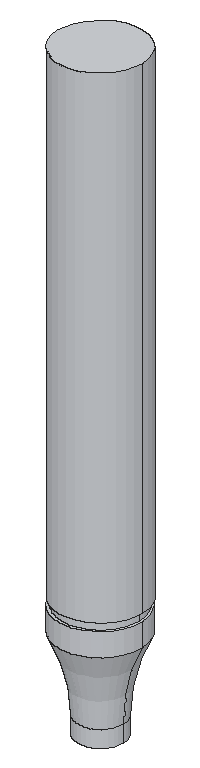
Revit family
Parameters
  URL = "www.siouxchief.com"
  Total Length [instance] = 10.00"
  Radius [instance] = 0.69"
  Model = "653-BS"
  Manufacturer = "Sioux Chief Manufacturing"
  Description = "Hydra-Rester Male Sweat"
Reference planes (in)
  plane 1 "Center (Front/Back)": y = 0
  plane 2: z = 0
  plane 3 "Center (Left/Right)": x = 0
  plane 4: z = 10
  plane 5: z = 2
  plane 6: z = 1.875
Forms (in)
  Extrusion 1, solid
    sketch origin (0.005, 0, -7.11) x (1, 0, 0) y (0, 1, 0)
      loop
        circle (-0.0025, 0) r 0.6875
    from 9.11 to 17.11
  Extrusion 2, solid
    sketch origin (0, 0, 0) x (1, 0, 0) y (0, 1, 0)
      loop
        circle (0, 0) r 0.64225
    from 1.875 to 2
  Extrusion 3, solid
    sketch origin (0, 0, -18.235) x (1, 0, 0) y (0, 1, 0)
      loop
        circle (0, 0) r 0.6875
    from 18.235 to 20.11
  Revolve 4, void
    sketch origin (0, 0, 0) x (1, 0, 0) y (0, 0, 1)
      loop
        arc (-0.5625, 0) -> (-0.72296, 0.43469) -> (-1.0625, 0.75) r 0.99757
        line (-1.0625, 0.75) -> (-1.0625, 0) -> (-0.5625, 0)
      axis (0, 0.75) -> (0, 0)
    angle from 0 to 360
  Revolve 5, void
    sketch origin (0, 0, 0) x (1, 0, 0) y (0, 0, 1)
      loop
        line (-0.6875, 1.4958) -> (-0.6875, 0) -> (-0.375, 0) -> (-0.375, 0.2759)
        arc (-0.375, 0.2759) -> (-0.45437, 0.90554) -> (-0.6875, 1.4958) r 2.53728
      axis (0, 1.4958) -> (0, 0)
    angle from 0 to 360
Cuts and joins
  Revolve 4, Revolve 5 cuts Extrusion 3
Dimensions and locks (in)
  "Total Length": plane 4 to level
  locked: plane 5 to level at 2
  "Radius": Extrusion 1 to plane 3 "Center (Left/Right)"
  locked: plane 5 to plane 6 at 0.125
  aligned and locked: plane 4 to Extrusion 1
  aligned and locked: Extrusion 1 to plane 5
  aligned and locked: Extrusion 2 to Extrusion 1
  aligned and locked: plane 6 to Extrusion 2
  aligned and locked: Extrusion 3 to plane 6
  aligned and locked: Extrusion 3 to level
Automatic sketch dimensions
  plane 1 "Center (Front/Back)" to Extrusion 1 sketch curve = 0.00"
  plane 3 "Center (Left/Right)" to Extrusion 1 sketch curve = 0.0025"
  plane 1 "Center (Front/Back)" to Extrusion 2 sketch curve = 0.00"
  Extrusion 2 sketch curve to plane 3 "Center (Left/Right)" = 0.00"
  plane 1 "Center (Front/Back)" to Extrusion 3 sketch curve = 0.00"
  Extrusion 3 sketch curve to plane 3 "Center (Left/Right)" = 0.00"
  Revolve 4 sketch curve to level = 0.00"
  Revolve 4 sketch curve to plane 3 "Center (Left/Right)" = 0.00"
  Revolve 4 sketch curve to plane 3 "Center (Left/Right)" = 0.5625"
  Revolve 4 sketch curve to Revolve 4 sketch curve = 0.50"
  Revolve 4 sketch curve to level = 0.11866"
  Revolve 4 sketch curve to Revolve 4 sketch curve = 0.49048"
  Revolve 4 sketch curve to level = 0.50"
  plane 6 to Revolve 4 sketch curve = 0.3792"
  Revolve 5 sketch curve to level = 0.00"
  Revolve 5 sketch curve to plane 3 "Center (Left/Right)" = 0.00"
  Revolve 5 sketch curve to plane 3 "Center (Left/Right)" = 0.375"
  plane 6 to Revolve 5 sketch curve = 0.3792"
  Revolve 5 sketch curve to Revolve 5 sketch curve = 0.3125"
  level to Revolve 5 sketch curve = 0.2759"
  Revolve 5 sketch curve to level = 0.31587"
  plane 6 to Revolve 5 sketch curve = 0.44508"
  radius of Extrusion 1 sketch curve = 0.6875"
  radius of Extrusion 2 sketch curve = 0.64225"
  radius of Extrusion 3 sketch curve = 0.6875"
Connectors (in)
  piping at (0, 0, 0)
    settings: on cut or joined group of Extrusion 3, Revolve 4, Revolve 5, index 1, connector radius 0.38", flow factor 0, pipe flow 0 GPM, pressure drop 0.00 psi, fitting loss kfactor 0, connector angle 0.00°, fixture units 0, flow configuration 0, flow direction 1, fitting loss method 0, system type 20, connector reference index -1, connector utility 0, adjustable connector no, is connector primary yes, fitting loss table "", connector description "3/4\" Male Sweat"
